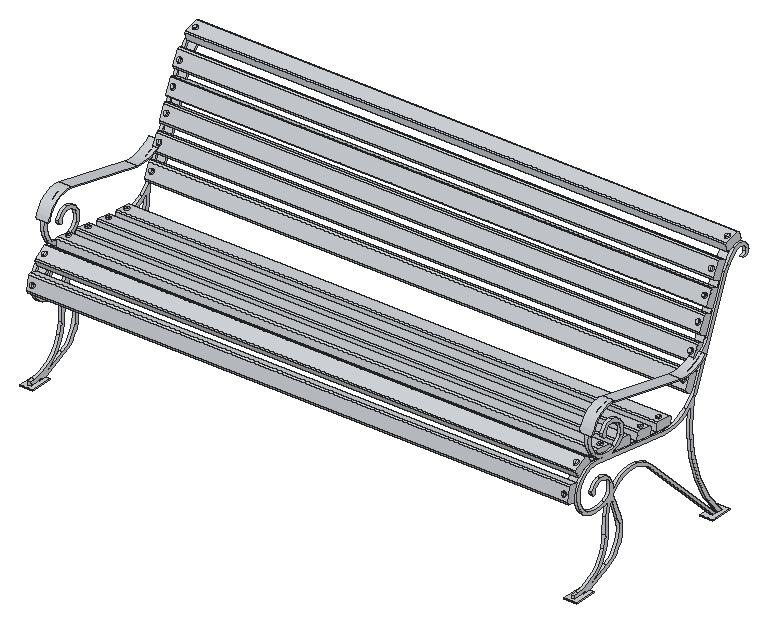
Revit family "Скамейка кованая «Вояж»", category Мебель, Revit 2017
Family settings
  Номер OmniClass = 23.40.20.00
  Заголовок OmniClass = General Furniture and Specialties
  На основе рабочей плоскости = Нет
  Всегда вертикально = Да
  При загрузке вырезать с полостями = Нет
  Общий = Нет
  Точка расчета площади = Нет
Parameters (values of type "Скамейка кованая «Вояж» 1,8м")
  Центральная опора = no
  Стоимость = 9702
  Изготовитель = "Хоббика"
  Длдина доски = ADSK_Размер_Длина - 20 mm  # 1780 mm
  URL = "https://hobbyka.ru/product/skameika_kovanaia_voiazh/?sphrase_id=62901"
  ADSK_Размер_Ширина сидения = 370 mm
  ADSK_Размер_Ширина = 720 mm
  ADSK_Размер_Длина = 1800 mm
  ADSK_Размер_Высота спинки = 430 mm
  ADSK_Размер_Высота сидения = 430 mm
  ADSK_Размер_Высота = 860 mm
  ADSK_Наименование = "Скамейка кованая «Вояж» 1,8м"
  ADSK_Материал фурнитуры = none
  ADSK_Материал опоры = none
  ADSK_Материал доски = none
  ADSK_Код изделия = "6781"
Types (7, lengths in mm): name | Центральная опора | Стоимость | Длдина доски | ADSK_Размер_Длина | ADSK_Наименование
  (no name) | no | 9702 | 1780 | 1800 | "Скамейка кованая «Вояж» 1,8м"
  Скамейка кованая «Вояж» 1,2м | no | 8489 | 1180 | 1200 | "Скамейка кованая «Вояж» 1,2м"
  Скамейка кованая «Вояж» 1,5м | no | 9041 | 1480 | 1500 | "Скамейка кованая «Вояж» 1,5м"
  Скамейка кованая «Вояж» 1,8м | no | 9702 | 1780 | 1800 | "Скамейка кованая «Вояж» 1,8м"
  Скамейка кованая «Вояж» 2,0м | yes | 14553 | 1980 | 2000 | "Скамейка кованая «Вояж» 2,0м"
  Скамейка кованая «Вояж» 3,0м | yes | 14553 | 2980 | 3000 | "Скамейка кованая «Вояж» 3,0м"
  Скамейка кованая «Вояж» Кресло | no | 7938 | 580 | 600 | "Скамейка кованая «Вояж» Кресло"
Reference planes
  plane 1 "По центру (Вперед/Назад)": y = 0
  plane 2: z = 0
  plane 3 "По центру (Влево/Вправо)": x = 0
  plane 4: x = -900
  plane 5: x = 900
  plane 6: x = -860
  plane 7: x = -890
  plane 8: x = 860
  plane 9: x = 890
Forms (mm)
  Extrusion 1, solid, material <- "ADSK_Материал опоры"
    sketch origin (0, 0, 0) x (0, 1, 0) y (0, 0, 1)
      loop
        line (-338.399, 334.008) -> (-613.879, 368.381)
        arc (-613.879, 368.381) -> (-679.292, 344.916) -> (-699.113, 278.308) r 76.942
        line (-699.113, 278.308) -> (-696.163, 278.85)
        arc (-696.163, 278.85) -> (-677.111, 342.856) -> (-614.251, 365.404) r 73.942
        line (-614.251, 365.404) -> (-338.69, 331.021) -> (-325.153, 330.074) -> (-311.783, 330.589) -> (-298.547, 332.55) -> (-299.148, 335.493) -> (-312.061, 333.581) -> (-325.106, 333.078) -> (-338.399, 334.008)
      loop
        line (-96.692, 691.665) -> (-215.882, 404.474) -> (-221.65, 392.461) -> (-219.02, 391.018) -> (-213.111, 403.324) -> (-93.921, 690.515)
        arc (-93.921, 690.515) -> (-76.293, 719.7) -> (-50.828, 742.372) r 114.091
        arc (-50.828, 742.372) -> (-39.911, 746.157) -> (-28.36, 745.899) r 32.63
        line (-28.36, 745.899) -> (-27.763, 748.839)
        arc (-27.763, 748.839) -> (-40.426, 749.112) -> (-52.385, 744.939) r 35.63
        arc (-52.385, 744.939) -> (-78.569, 721.655) -> (-96.692, 691.665) r 117.091
    from -860 to -890
  Extrusion 2, solid, not visible
    sketch origin (0, 0, 0) x (0, 1, 0) y (0, 0, 1)
      loop
        line (-691.824, 340.795) -> (-703.262, 279.512) -> (-700.21, 279.512) -> (-689.137, 338.84) -> (-635.391, 368.026) -> (-637.603, 370.238) -> (-691.824, 340.795)
      loop
        line (-364.819, 339.096) -> (-364.819, 336.093) -> (-309.078, 333.534) -> (-309.078, 336.537) -> (-364.819, 339.096)
      loop
        line (-72.13, 742.885) -> (-106.548, 673.049) -> (-103.857, 671.723) -> (-70.057, 740.305) -> (-18.56, 752.925) -> (-19.274, 755.838) -> (-72.13, 742.885)
    from 0 to 250
  Extrusion 3, solid, material <- "ADSK_Материал опоры"
    sketch origin (0, 0, 0) x (0, 1, 0) y (0, 0, -1)
      loop
        line (-338.399, -334.008) -> (-325.106, -333.078) -> (-312.061, -333.581) -> (-299.148, -335.493) -> (-298.547, -332.55) -> (-311.783, -330.589) -> (-325.153, -330.074) -> (-338.69, -331.021) -> (-614.251, -365.404)
        arc (-614.251, -365.404) -> (-677.111, -342.856) -> (-696.163, -278.85) r 73.942
        line (-696.163, -278.85) -> (-699.113, -278.308)
        arc (-699.113, -278.308) -> (-679.292, -344.916) -> (-613.879, -368.381) r 76.942
        line (-613.879, -368.381) -> (-338.399, -334.008)
      loop
        arc (-96.692, -691.665) -> (-78.569, -721.655) -> (-52.385, -744.939) r 117.091
        arc (-52.385, -744.939) -> (-40.426, -749.112) -> (-27.763, -748.839) r 35.63
        line (-27.763, -748.839) -> (-28.36, -745.899)
        arc (-28.36, -745.899) -> (-39.911, -746.157) -> (-50.828, -742.372) r 32.63
        arc (-50.828, -742.372) -> (-76.293, -719.7) -> (-93.921, -690.515) r 114.091
        line (-93.921, -690.515) -> (-213.111, -403.324) -> (-219.02, -391.018) -> (-221.65, -392.461) -> (-215.882, -404.474) -> (-96.692, -691.665)
    from -860 to -890
Dimensions and locks
  equal spacing: plane 4, plane 3 "По центру (Влево/Вправо)", plane 5
  "ADSK_Размер_Длина": plane 4 to plane 5
  plane 4 to plane 6 = 40 mm
  plane 4 to plane 7 = 10 mm
  plane 8 to plane 9 to plane 5 = 30 mm, 10 mm
  "Длдина доски": plane 7 to plane 9
  aligned and locked: level to plane 2
  aligned and locked: nested 2 to plane 5
  aligned and locked: nested 1 to plane 4
  aligned and locked: nested 8 to plane 7
  aligned and locked: nested 7 to plane 7
  aligned and locked: plane 7 to nested 6
  aligned and locked: plane 7 to nested 4
  aligned and locked: plane 7 to nested 5
  aligned and locked: nested 9 to plane 7
  aligned and locked: plane 7 to nested 12
  aligned and locked: nested 10 to plane 7
  aligned and locked: nested 11 to plane 7
  aligned and locked: plane 7 to nested 13
  aligned and locked: plane 7 to nested 14
  aligned and locked: plane 7 to nested 15
  aligned and locked: Extrusion 1 to plane 7
  aligned and locked: plane 6 to Extrusion 1
  aligned and locked: Extrusion 3 to plane 9
  aligned and locked: nested 2 to plane 8
  aligned and locked: plane 8 to Extrusion 3
Automatic sketch dimensions
  Extrusion 1 sketch curve to Extrusion 1 sketch curve = 0 mm  (x6)
  level to Extrusion 1 sketch curve = 278.308 mm
  plane 1 "По центру (Вперед/Назад)" to Extrusion 1 sketch curve = 699.113 mm
  level to Extrusion 1 sketch curve = 278.85 mm
  Extrusion 1 sketch curve to Extrusion 1 sketch curve = 2.951 mm
  Extrusion 1 sketch curve to Extrusion 1 sketch curve = 72.757 mm
  level to Extrusion 1 sketch curve = 365.404 mm
  Extrusion 1 sketch curve to Extrusion 1 sketch curve = 9.155 mm
  level to Extrusion 1 sketch curve = 368.381 mm
  Extrusion 1 sketch curve to Extrusion 1 sketch curve = 275.561 mm
  Extrusion 1 sketch curve to Extrusion 1 sketch curve = 0.291 mm
  Extrusion 1 sketch curve to Extrusion 1 sketch curve = 13.537 mm
  Extrusion 1 sketch curve to Extrusion 1 sketch curve = 0.047 mm
  Extrusion 1 sketch curve to Extrusion 1 sketch curve = 13.045 mm
  Extrusion 1 sketch curve to Extrusion 1 sketch curve = 0.278 mm
  Extrusion 1 sketch curve to Extrusion 1 sketch curve = 12.913 mm
  Extrusion 1 sketch curve to Extrusion 1 sketch curve = 0.601 mm
  Extrusion 1 sketch curve to Extrusion 1 sketch curve = 77.498 mm
  Extrusion 1 sketch curve to Extrusion 1 sketch curve = 2.63 mm
  Extrusion 1 sketch curve to Extrusion 1 sketch curve = 5.768 mm
  Extrusion 1 sketch curve to Extrusion 1 sketch curve = 2.771 mm  (x2)
  plane 1 "По центру (Вперед/Назад)" to Extrusion 1 sketch curve = 96.692 mm
  plane 1 "По центру (Вперед/Назад)" to Extrusion 1 sketch curve = 34.852 mm
  plane 1 "По центру (Вперед/Назад)" to Extrusion 1 sketch curve = 28.36 mm
  Extrusion 1 sketch curve to Extrusion 1 sketch curve = 0.597 mm
  Extrusion 1 sketch curve to plane 1 "По центру (Вперед/Назад)" = 11.456 mm
  Extrusion 1 sketch curve to Extrusion 1 sketch curve = 35.331 mm
  Extrusion 1 sketch curve to Extrusion 1 sketch curve = 0.516 mm
  Extrusion 1 sketch curve to Extrusion 1 sketch curve = 0.948 mm
  Extrusion 1 sketch curve to Extrusion 1 sketch curve = 1.96 mm
  Extrusion 1 sketch curve to Extrusion 1 sketch curve = 3.004 mm
  Extrusion 1 sketch curve to Extrusion 1 sketch curve = 2.991 mm
  Extrusion 1 sketch curve to Extrusion 1 sketch curve = 2.987 mm
  Extrusion 1 sketch curve to Extrusion 1 sketch curve = 2.944 mm
  Extrusion 1 sketch curve to Extrusion 1 sketch curve = 55.524 mm
  Extrusion 1 sketch curve to Extrusion 1 sketch curve = 1.443 mm
  Extrusion 1 sketch curve to Extrusion 1 sketch curve = 12.306 mm
  Extrusion 1 sketch curve to Extrusion 1 sketch curve = 1.15 mm  (x2)
  Extrusion 1 sketch curve to Extrusion 1 sketch curve = 243.458 mm
  Extrusion 1 sketch curve to Extrusion 1 sketch curve = 43.733 mm
  Extrusion 1 sketch curve to Extrusion 1 sketch curve = 23.406 mm
  Extrusion 1 sketch curve to Extrusion 1 sketch curve = 31.978 mm
  Extrusion 1 sketch curve to Extrusion 1 sketch curve = 2.94 mm
  level to Extrusion 2 sketch curve = 279.512 mm
  plane 1 "По центру (Вперед/Назад)" to Extrusion 2 sketch curve = 703.262 mm
  Extrusion 2 sketch curve to Extrusion 2 sketch curve = 3.052 mm
  level to Extrusion 2 sketch curve = 340.795 mm
  Extrusion 2 sketch curve to Extrusion 2 sketch curve = 8.386 mm
  level to Extrusion 2 sketch curve = 338.84 mm
  Extrusion 2 sketch curve to Extrusion 2 sketch curve = 2.687 mm
  Extrusion 2 sketch curve to Extrusion 2 sketch curve = 51.533 mm
  Extrusion 2 sketch curve to Extrusion 2 sketch curve = 2.212 mm  (x2)
  Extrusion 2 sketch curve to Extrusion 2 sketch curve = 270.572 mm
  Extrusion 2 sketch curve to Extrusion 2 sketch curve = 55.741 mm
  plane 1 "По центру (Вперед/Назад)" to Extrusion 2 sketch curve = 106.548 mm
  Extrusion 2 sketch curve to Extrusion 2 sketch curve = 2.691 mm
  plane 1 "По центру (Вперед/Назад)" to Extrusion 2 sketch curve = 72.13 mm
  Extrusion 2 sketch curve to Extrusion 2 sketch curve = 2.073 mm
  plane 1 "По центру (Вперед/Назад)" to Extrusion 2 sketch curve = 19.274 mm
  Extrusion 2 sketch curve to Extrusion 2 sketch curve = 0.714 mm
  level to Extrusion 2 sketch curve = 333.534 mm
  Extrusion 2 sketch curve to Extrusion 2 sketch curve = 2.559 mm
  Extrusion 2 sketch curve to Extrusion 2 sketch curve = 3.003 mm  (x2)
  Extrusion 2 sketch curve to Extrusion 2 sketch curve = 29.186 mm
  Extrusion 2 sketch curve to Extrusion 2 sketch curve = 335.186 mm
  Extrusion 2 sketch curve to Extrusion 2 sketch curve = 1.326 mm
  Extrusion 3 sketch curve to Extrusion 3 sketch curve = 0 mm  (x6)
  level to Extrusion 3 sketch curve = 278.308 mm
  plane 1 "По центру (Вперед/Назад)" to Extrusion 3 sketch curve = 699.113 mm
  level to Extrusion 3 sketch curve = 278.85 mm
  Extrusion 3 sketch curve to Extrusion 3 sketch curve = 2.951 mm
  Extrusion 3 sketch curve to Extrusion 3 sketch curve = 72.757 mm
  level to Extrusion 3 sketch curve = 365.404 mm
  Extrusion 3 sketch curve to Extrusion 3 sketch curve = 9.155 mm
  level to Extrusion 3 sketch curve = 368.381 mm
  Extrusion 3 sketch curve to Extrusion 3 sketch curve = 275.561 mm
  Extrusion 3 sketch curve to Extrusion 3 sketch curve = 0.291 mm
  Extrusion 3 sketch curve to Extrusion 3 sketch curve = 13.537 mm
  Extrusion 3 sketch curve to Extrusion 3 sketch curve = 0.047 mm
  Extrusion 3 sketch curve to Extrusion 3 sketch curve = 13.045 mm
  Extrusion 3 sketch curve to Extrusion 3 sketch curve = 0.278 mm
  Extrusion 3 sketch curve to Extrusion 3 sketch curve = 12.913 mm
  Extrusion 3 sketch curve to Extrusion 3 sketch curve = 0.601 mm
  Extrusion 3 sketch curve to Extrusion 3 sketch curve = 77.498 mm
  Extrusion 3 sketch curve to Extrusion 3 sketch curve = 2.63 mm
  Extrusion 3 sketch curve to Extrusion 3 sketch curve = 5.768 mm
  Extrusion 3 sketch curve to Extrusion 3 sketch curve = 2.771 mm  (x2)
  plane 1 "По центру (Вперед/Назад)" to Extrusion 3 sketch curve = 96.692 mm
  plane 1 "По центру (Вперед/Назад)" to Extrusion 3 sketch curve = 34.852 mm
  plane 1 "По центру (Вперед/Назад)" to Extrusion 3 sketch curve = 28.36 mm
  Extrusion 3 sketch curve to Extrusion 3 sketch curve = 0.597 mm
  Extrusion 3 sketch curve to plane 1 "По центру (Вперед/Назад)" = 11.456 mm
  level to Extrusion 3 sketch curve = 391.018 mm
  Extrusion 3 sketch curve to Extrusion 3 sketch curve = 1.443 mm
  Extrusion 3 sketch curve to Extrusion 3 sketch curve = 12.306 mm
  Extrusion 3 sketch curve to Extrusion 3 sketch curve = 1.15 mm  (x2)
  Extrusion 3 sketch curve to Extrusion 3 sketch curve = 243.458 mm
  Extrusion 3 sketch curve to Extrusion 3 sketch curve = 43.733 mm
  Extrusion 3 sketch curve to Extrusion 3 sketch curve = 23.406 mm
  Extrusion 3 sketch curve to Extrusion 3 sketch curve = 31.978 mm
  Extrusion 3 sketch curve to Extrusion 3 sketch curve = 2.94 mm
  Extrusion 3 sketch curve to Extrusion 3 sketch curve = 56.968 mm
  Extrusion 3 sketch curve to Extrusion 3 sketch curve = 1.485 mm
  Extrusion 3 sketch curve to Extrusion 3 sketch curve = 1.912 mm
  Extrusion 3 sketch curve to Extrusion 3 sketch curve = 0.503 mm
  Extrusion 3 sketch curve to Extrusion 3 sketch curve = 2.944 mm
  Extrusion 3 sketch curve to Extrusion 3 sketch curve = 2.987 mm
  Extrusion 3 sketch curve to Extrusion 3 sketch curve = 2.991 mm
  Extrusion 3 sketch curve to Extrusion 3 sketch curve = 3.004 mm
Nested families
  nested 1: "Опора" at (-860, -19.274, 0), Материал опоры <- "ADSK_Материал опоры", type "Опора"
    with Материал опоры none
  nested 2: "Опора" at (860, -19.274, 0) x (-1, 0, 0) z (0, 0, 1), Материал опоры <- "ADSK_Материал опоры", type "Опора"
    with Материал опоры none
  nested 3: "Центральная опора" at (35, -19.274, 0), visible <- "Центральная опора", Материал опоры <- "ADSK_Материал опоры", type "Центральная опора"
    with Материал опоры none
  nested 4: "Doska" at (-890, -476.139, 351.195) x (1, 0, 0) z (0, 0.1238, 0.9923), Длина доски <- "Длдина доски", Материал доски <- "ADSK_Материал доски", Материал фурнитуры <- "ADSK_Материал фурнитуры", type "Doska"
    with Материал фурнитуры none, Материал доски none, Длина доски 1780 mm
  nested 5: "Doska" at (-890, -391.129, 340.588) x (1, 0, 0) z (0, 0.1238, 0.9923), Длина доски <- "Длдина доски", Материал доски <- "ADSK_Материал доски", Материал фурнитуры <- "ADSK_Материал фурнитуры", type "Doska"
    with Материал фурнитуры none, Материал доски none, Длина доски 1780 mm
  nested 6: "Doska" at (-890, -556.928, 361.275) x (1, 0, 0) z (0, 0.1238, 0.9923), Длина доски <- "Длдина доски", Материал доски <- "ADSK_Материал доски", Материал фурнитуры <- "ADSK_Материал фурнитуры", type "Doska"
    with Материал фурнитуры none, Материал доски none, Длина доски 1780 mm
  nested 7: "Doska" at (890, -686.085, 343.911) x (-1, 0, 0) z (0, -0.4772, 0.8788), Длина доски <- "Длдина доски", Материал доски <- "ADSK_Материал доски", Материал фурнитуры <- "ADSK_Материал фурнитуры", type "Doska"
    with Материал фурнитуры none, Материал доски none, Длина доски 1780 mm
  nested 8: "Doska" at (890, -703.262, 279.512) x (-1, 0, 0) z (0, -0.983, 0.1835), Длина доски <- "Длдина доски", Материал доски <- "ADSK_Материал доски", Материал фурнитуры <- "ADSK_Материал фурнитуры", type "Doska"
    with Материал фурнитуры none, Материал доски none, Длина доски 1780 mm
  nested 9: "Doska" at (890, -364.819, 339.096) x (-1, 0, 0) z (0, 0.0459, 0.9989), Длина доски <- "Длдина доски", Материал доски <- "ADSK_Материал доски", Материал фурнитуры <- "ADSK_Материал фурнитуры", type "Doska"
    with Материал фурнитуры none, Материал доски none, Длина доски 1780 mm
  nested 10: "Doska" at (890, -106.548, 673.049) x (-1, 0, 0) z (0, -0.897, 0.4421), Длина доски <- "Длдина доски", Материал доски <- "ADSK_Материал доски", Материал фурнитуры <- "ADSK_Материал фурнитуры", type "Doska"
    with Материал фурнитуры none, Материал доски none, Длина доски 1780 mm
  nested 11: "Doska" at (890, -73.47, 742.557) x (-1, 0, 0) z (0, -0.238, 0.9713), Длина доски <- "Длдина доски", Материал доски <- "ADSK_Материал доски", Материал фурнитуры <- "ADSK_Материал фурнитуры", type "Doska"
    with Материал фурнитуры none, Материал доски none, Длина доски 1780 mm
  nested 12: "Doska" at (-890, -112.104, 654.529) x (1, 0, 0) z (0, -0.9236, 0.3833), Длина доски <- "Длдина доски", Материал доски <- "ADSK_Материал доски", Материал фурнитуры <- "ADSK_Материал фурнитуры", type "Doska"
    with Материал фурнитуры none, Материал доски none, Длина доски 1780 mm
  nested 13: "Doska" at (-890, -139.702, 588.03) x (1, 0, 0) z (0, -0.9236, 0.3833), Длина доски <- "Длдина доски", Материал доски <- "ADSK_Материал доски", Материал фурнитуры <- "ADSK_Материал фурнитуры", type "Doska"
    with Материал фурнитуры none, Материал доски none, Длина доски 1780 mm
  nested 14: "Doska" at (-890, -169.601, 515.988) x (1, 0, 0) z (0, -0.9236, 0.3833), Длина доски <- "Длдина доски", Материал доски <- "ADSK_Материал доски", Материал фурнитуры <- "ADSK_Материал фурнитуры", type "Doska"
    with Материал фурнитуры none, Материал доски none, Длина доски 1780 mm
  nested 15: "Doska" at (-890, -199.5, 443.946) x (1, 0, 0) z (0, -0.9236, 0.3833), Длина доски <- "Длдина доски", Материал доски <- "ADSK_Материал доски", Материал фурнитуры <- "ADSK_Материал фурнитуры", type "Doska"
    with Материал фурнитуры none, Материал доски none, Длина доски 1780 mm
Definition of nested family "Опора"
  Parameters (values of type "Опора")
    Материал опоры [instance] = none
  Reference planes
    plane 1 "По центру (Вперед/Назад)": y = 0
    plane 2: z = 0
    plane 3 "По центру (Влево/Вправо)": x = 0
  Forms (mm)
    Extrusion 1, solid, material <- "Материал опоры"
      sketch origin (0, 0, 0) x (0, 1, 0) y (0, 0, 1)
        loop
          line (-128.628, 3) -> (-114.241, 3) -> (-377.334, 260.719)
          arc (-377.334, 260.719) -> (-404.891, 280.092) -> (-436.763, 290.999) r 119.43
          arc (-436.763, 290.999) -> (-489.961, 287.645) -> (-534.97, 259.089) r 107.222
          arc (-534.97, 259.089) -> (-540.007, 253.369) -> (-544.663, 247.335) r 117.921
          arc (-544.663, 247.335) -> (-546.454, 293.514) -> (-587.615, 314.525) r 45.705
          arc (-587.615, 314.525) -> (-609.944, 305.623) -> (-622.436, 285.097) r 38.006
          arc (-622.436, 285.097) -> (-620.216, 276.888) -> (-612.161, 274.162) r 9.031
          arc (-612.161, 274.162) -> (-611.2, 274.918) -> (-611.324, 276.134) r 1.268
          arc (-611.324, 276.134) -> (-612.703, 279.348) -> (-612.724, 282.844) r 8.819
          arc (-612.724, 282.844) -> (-603.499, 297.977) -> (-587.037, 304.542) r 28.006
          arc (-587.037, 304.542) -> (-550.061, 276.428) -> (-572.154, 235.569) r 35.705
          arc (-572.154, 235.569) -> (-614.561, 230.396) -> (-654.396, 245.831) r 87.882
          arc (-654.396, 245.831) -> (-668.553, 322.992) -> (-599.613, 360.429) r 66.819
          line (-599.613, 360.429) -> (-324.118, 326.055)
          arc (-324.118, 326.055) -> (-266.004, 331.975) -> (-216.303, 362.667) r 130.432
          arc (-216.303, 362.667) -> (-203.313, 169.833) -> (-105.74, 3) r 422.128
          line (-105.74, 3) -> (-91.786, 3)
          arc (-91.786, 3) -> (-194.792, 176.201) -> (-203.365, 377.534) r 412.128
          arc (-203.365, 377.534) -> (-194.556, 391.017) -> (-187.476, 405.483) r 130.432
          line (-187.476, 405.483) -> (-68.219, 692.835)
          arc (-68.219, 692.835) -> (-52.449, 719.333) -> (-29.81, 740.27) r 107.589
          arc (-29.81, 740.27) -> (-4.219, 741.886) -> (9.291, 720.092) r 24.958
          arc (9.291, 720.092) -> (6.724, 711.771) -> (-1.374, 708.571) r 10.06
          arc (-1.374, 708.571) -> (12.429, 708.881) -> (19.274, 720.871) r 14.021
          arc (19.274, 720.871) -> (0.089, 750.915) -> (-35.477, 748.509) r 34.958
          arc (-35.477, 748.509) -> (-60.198, 725.654) -> (-77.429, 696.73) r 117.589
          line (-77.429, 696.73) -> (-145.436, 532.866)
          arc (-145.436, 532.866) -> (-157.319, 515.21) -> (-172.998, 500.82) r 90.471
          spline (-172.998, 500.82) -> (-180.147, 494.633) -> (-187.699, 489.048) -> (-195.609, 484.091) -> (-203.829, 479.785) -> (-212.313, 476.155) -> (-221.013, 473.226) -> (-229.883, 471.019) -> (-238.872, 469.539) -> (-247.93, 468.788) -> (-257.007, 468.768) -> (-266.051, 469.48) -> (-275.014, 470.926)
          line (-275.014, 470.926) -> (-547.361, 526.4)
          spline (-547.361, 526.4) -> (-563.47, 527.923) -> (-579.538, 525.849) -> (-594.829, 520.259) -> (-608.676, 511.458) -> (-620.466, 499.844) -> (-629.735, 485.958) -> (-636.092, 470.399) -> (-639.309, 453.832) -> (-639.239, 436.948) -> (-635.9, 420.451) -> (-629.397, 405.04) -> (-619.999, 391.369)
          spline (-619.999, 391.369) -> (-613.575, 386.11) -> (-606.753, 381.433) -> (-599.579, 377.368) -> (-592.103, 373.949) -> (-584.372, 371.204) -> (-576.444, 369.15) -> (-568.374, 367.799) -> (-560.221, 367.165) -> (-552.041, 367.256) -> (-543.892, 368.068) -> (-535.832, 369.59) -> (-527.919, 371.814)
          spline (-527.919, 371.814) -> (-517.998, 376.554) -> (-509.451, 383.567) -> (-502.737, 392.425) -> (-498.159, 402.622) -> (-495.923, 413.606) -> (-496.161, 424.818) -> (-498.857, 435.675) -> (-503.891, 445.604) -> (-511.04, 454.051) -> (-519.939, 460.525) -> (-530.11, 464.601) -> (-540.956, 466.024)
          arc (-540.956, 466.024) -> (-563.995, 458.363) -> (-577.479, 438.173) r 37.409
          spline (-577.479, 438.173) -> (-577.878, 436.65) -> (-578.042, 435.08) -> (-577.964, 433.505) -> (-577.649, 431.967) -> (-577.104, 430.507) -> (-576.343, 429.163) -> (-575.387, 427.972) -> (-574.261, 426.965) -> (-572.996, 426.168) -> (-571.625, 425.604) -> (-570.184, 425.287) -> (-568.712, 425.225)
          arc (-568.712, 425.225) -> (-566.994, 425.957) -> (-567.446, 427.768) r 1.438
          spline (-567.446, 427.768) -> (-567.682, 428.294) -> (-567.887, 428.834) -> (-568.059, 429.387) -> (-568.2, 429.951) -> (-568.307, 430.523) -> (-568.382, 431.101) -> (-568.422, 431.684) -> (-568.429, 432.269) -> (-568.402, 432.853) -> (-568.341, 433.435) -> (-568.246, 434.012) -> (-568.119, 434.582)
          spline (-568.119, 434.582) -> (-567.085, 437.605) -> (-565.757, 440.496) -> (-564.149, 443.221) -> (-562.279, 445.749) -> (-560.17, 448.052) -> (-557.845, 450.102) -> (-555.331, 451.876) -> (-552.657, 453.355) -> (-549.853, 454.52) -> (-546.951, 455.359) -> (-543.986, 455.862) -> (-540.99, 456.024)
          spline (-540.99, 456.024) -> (-532.643, 454.933) -> (-524.785, 451.779) -> (-517.852, 446.736) -> (-512.229, 440.085) -> (-508.229, 432.195) -> (-506.074, 423.505) -> (-505.884, 414.497) -> (-507.669, 405.673) -> (-511.33, 397.521) -> (-516.664, 390.495) -> (-523.374, 384.986) -> (-531.088, 381.299)
          spline (-531.088, 381.299) -> (-538.051, 379.301) -> (-545.139, 377.918) -> (-552.302, 377.159) -> (-559.495, 377.029) -> (-566.668, 377.529) -> (-573.773, 378.655) -> (-580.763, 380.4) -> (-587.591, 382.752) -> (-594.211, 385.695) -> (-600.58, 389.211) -> (-606.653, 393.275) -> (-612.392, 397.859)
          spline (-612.392, 397.859) -> (-620.627, 409.834) -> (-626.345, 423.401) -> (-629.296, 437.97) -> (-629.352, 452.906) -> (-626.51, 467.557) -> (-620.894, 481.286) -> (-612.748, 493.494) -> (-602.428, 503.65) -> (-590.383, 511.31) -> (-577.139, 516.141) -> (-563.271, 517.933) -> (-549.386, 516.607)
          line (-549.386, 516.607) -> (-277.01, 461.128)
          spline (-277.01, 461.128) -> (-266.387, 459.448) -> (-255.663, 458.711) -> (-244.911, 458.923) -> (-234.203, 460.082) -> (-223.612, 462.18) -> (-213.21, 465.202) -> (-203.069, 469.129) -> (-193.256, 473.934) -> (-183.838, 479.584) -> (-174.88, 486.041) -> (-166.442, 493.26) -> (-158.581, 501.193)
          line (-158.581, 501.193) -> (-196.712, 409.316)
          arc (-196.712, 409.316) -> (-211.884, 382.843) -> (-233.223, 361.032) r 120.432
          arc (-233.223, 361.032) -> (-275.532, 339.492) -> (-322.878, 335.978) r 120.432
          line (-322.878, 335.978) -> (-598.347, 370.349)
          arc (-598.347, 370.349) -> (-677.74, 326.957) -> (-660.761, 238.087) r 76.819
          arc (-660.761, 238.087) -> (-616.161, 220.519) -> (-568.567, 226.235) r 97.882
          arc (-568.567, 226.235) -> (-558.152, 231.882) -> (-549.539, 240.016) r 45.705
          arc (-549.539, 240.016) -> (-561.078, 215.096) -> (-566.54, 188.183) r 117.921
          arc (-566.54, 188.183) -> (-568.186, 162.503) -> (-568.828, 136.779) r 659.163
          arc (-568.828, 136.779) -> (-570.36, 117.971) -> (-574.715, 99.61) r 124.56
          arc (-574.715, 99.61) -> (-613.321, 42.038) -> (-676.722, 14.016) r 124.56
          line (-676.722, 14.016) -> (-692.991, 12.98) -> (-692.356, 3)
          arc (-692.356, 3) -> (-600.229, 39.974) -> (-559.223, 130.378) r 133.263
          line (-559.223, 130.378) -> (-556.749, 185.966)
          arc (-556.749, 185.966) -> (-553.003, 209.157) -> (-544.016, 230.861) r 101.306
          line (-544.016, 230.861) -> (-516.049, 159.406)
          arc (-516.049, 159.406) -> (-516.369, 93.273) -> (-562.434, 45.82) r 88.516
          line (-562.434, 45.82) -> (-659, 3) -> (-634.331, 3) -> (-558.381, 36.678)
          arc (-558.381, 36.678) -> (-507.159, 89.376) -> (-506.663, 162.865) r 98.516
          line (-506.663, 162.865) -> (-537.497, 241.064)
          arc (-537.497, 241.064) -> (-463.985, 282.47) -> (-384.615, 253.852) r 101.306
          line (-384.615, 253.852) -> (-128.628, 3)
      from -40 to -30
    Extrusion 2, solid, material <- "Материал опоры"
      sketch origin (0, 0, 0) x (0, 1, 0) y (0, 0, 1)
        loop
          line (-74.97, 3) -> (-146.97, 3) -> (-146.97, 0) -> (-74.97, 0) -> (-74.97, 3)
        loop
          line (-634.331, 3) -> (-706.512, 3) -> (-706.512, 0) -> (-634.331, 0) -> (-634.331, 3)
      from -55 to -15
    Extrusion 3, solid, material <- "Материал опоры"
      sketch origin (0, 0, 0) x (0, 1, 0) y (0, 0, 1)
        loop
          line (-172.998, 500.82) -> (-175.046, 503.011)
          spline (-175.046, 503.011) -> (-182.021, 496.974) -> (-189.389, 491.524) -> (-197.103, 486.688) -> (-205.117, 482.494) -> (-213.383, 478.967) -> (-221.857, 476.12) -> (-230.491, 473.966) -> (-239.24, 472.516) -> (-248.056, 471.782) -> (-256.891, 471.763) -> (-265.694, 472.458) -> (-274.415, 473.866)
          line (-274.415, 473.866) -> (-546.8, 529.347)
          arc (-546.8, 529.347) -> (-607.666, 515.816) -> (-640.963, 463.099) r 81.143
          line (-640.963, 463.099) -> (-638.026, 462.475)
          arc (-638.026, 462.475) -> (-606.005, 513.317) -> (-547.361, 526.4) r 78.143
          line (-547.361, 526.4) -> (-275.014, 470.926)
          spline (-275.014, 470.926) -> (-266.051, 469.48) -> (-257.007, 468.768) -> (-247.93, 468.788) -> (-238.872, 469.539) -> (-229.883, 471.019) -> (-221.013, 473.226) -> (-212.313, 476.155) -> (-203.829, 479.785) -> (-195.609, 484.091) -> (-187.699, 489.048) -> (-180.147, 494.633) -> (-172.998, 500.82)
      from -56 to -14
    Extrusion 4, void
      sketch origin (0, 0, 0) x (1, 0, 0) y (0, 0, 1)
        loop
          line (-56, 462.475) -> (-48, 462.475)
          arc (-48, 462.475) -> (-53.657, 464.818) -> (-56, 470.475) r 8
          line (-56, 470.475) -> (-56, 462.475)
        loop
          line (-14, 462.475) -> (-14, 470.475)
          arc (-14, 470.475) -> (-16.343, 464.818) -> (-22, 462.475) r 8
          line (-22, 462.475) -> (-14, 462.475)
      from 688.815 to 619.999
  Cuts and joins
    Extrusion 4 cuts Extrusion 3
  Dimensions and locks
    aligned and locked: level to plane 2
Definition of nested family "Центральная опора"
  Parameters (values of type "Центральная опора")
    Материал опоры [instance] = none
  Reference planes
    plane 1 "По центру (Вперед/Назад)": y = 0
    plane 2: z = 0
    plane 3 "По центру (Влево/Вправо)": x = 0
  Forms (mm)
    Extrusion 1, solid, material <- "Материал опоры"
      sketch origin (0, 0, 0) x (0, 1, 0) y (0, 0, 1)
        loop
          line (-128.628, 3) -> (-114.241, 3) -> (-377.334, 260.719)
          arc (-377.334, 260.719) -> (-404.891, 280.092) -> (-436.763, 290.999) r 119.43
          arc (-436.763, 290.999) -> (-489.961, 287.645) -> (-534.97, 259.089) r 107.222
          arc (-534.97, 259.089) -> (-540.007, 253.369) -> (-544.663, 247.335) r 117.921
          arc (-544.663, 247.335) -> (-546.454, 293.514) -> (-587.615, 314.525) r 45.705
          arc (-587.615, 314.525) -> (-609.944, 305.623) -> (-622.436, 285.097) r 38.006
          arc (-622.436, 285.097) -> (-620.216, 276.888) -> (-612.161, 274.162) r 9.031
          arc (-612.161, 274.162) -> (-611.2, 274.918) -> (-611.324, 276.134) r 1.268
          arc (-611.324, 276.134) -> (-612.703, 279.348) -> (-612.724, 282.844) r 8.819
          arc (-612.724, 282.844) -> (-603.499, 297.977) -> (-587.037, 304.542) r 28.006
          arc (-587.037, 304.542) -> (-550.061, 276.428) -> (-572.154, 235.569) r 35.705
          arc (-572.154, 235.569) -> (-614.561, 230.396) -> (-654.396, 245.831) r 87.882
          arc (-654.396, 245.831) -> (-668.553, 322.992) -> (-599.613, 360.429) r 66.819
          line (-599.613, 360.429) -> (-324.118, 326.055)
          arc (-324.118, 326.055) -> (-266.004, 331.975) -> (-216.303, 362.667) r 130.432
          arc (-216.303, 362.667) -> (-203.313, 169.833) -> (-105.74, 3) r 422.128
          line (-105.74, 3) -> (-91.786, 3)
          arc (-91.786, 3) -> (-194.792, 176.201) -> (-203.365, 377.534) r 412.128
          arc (-203.365, 377.534) -> (-194.556, 391.017) -> (-187.476, 405.483) r 130.432
          line (-187.476, 405.483) -> (-68.219, 692.835)
          arc (-68.219, 692.835) -> (-52.449, 719.333) -> (-29.81, 740.27) r 107.589
          arc (-29.81, 740.27) -> (-4.219, 741.886) -> (9.291, 720.092) r 24.958
          arc (9.291, 720.092) -> (6.724, 711.771) -> (-1.374, 708.571) r 10.06
          arc (-1.374, 708.571) -> (12.429, 708.881) -> (19.274, 720.871) r 14.021
          arc (19.274, 720.871) -> (0.089, 750.915) -> (-35.477, 748.509) r 34.958
          arc (-35.477, 748.509) -> (-60.198, 725.654) -> (-77.429, 696.73) r 117.589
          line (-77.429, 696.73) -> (-160.672, 496.155) -> (-196.712, 409.316)
          arc (-196.712, 409.316) -> (-211.884, 382.843) -> (-233.223, 361.032) r 120.432
          arc (-233.223, 361.032) -> (-275.532, 339.492) -> (-322.878, 335.978) r 120.432
          line (-322.878, 335.978) -> (-598.347, 370.349)
          arc (-598.347, 370.349) -> (-677.74, 326.957) -> (-660.761, 238.087) r 76.819
          arc (-660.761, 238.087) -> (-616.161, 220.519) -> (-568.567, 226.235) r 97.882
          arc (-568.567, 226.235) -> (-558.152, 231.882) -> (-549.539, 240.016) r 45.705
          arc (-549.539, 240.016) -> (-561.078, 215.096) -> (-566.54, 188.183) r 117.921
          arc (-566.54, 188.183) -> (-568.186, 162.503) -> (-568.828, 136.779) r 659.163
          arc (-568.828, 136.779) -> (-570.36, 117.971) -> (-574.715, 99.61) r 124.56
          arc (-574.715, 99.61) -> (-613.321, 42.038) -> (-676.722, 14.016) r 124.56
          line (-676.722, 14.016) -> (-692.991, 12.98) -> (-692.356, 3)
          arc (-692.356, 3) -> (-600.229, 39.974) -> (-559.223, 130.378) r 133.263
          line (-559.223, 130.378) -> (-556.749, 185.966)
          arc (-556.749, 185.966) -> (-553.003, 209.157) -> (-544.016, 230.861) r 101.306
          line (-544.016, 230.861) -> (-516.049, 159.406)
          arc (-516.049, 159.406) -> (-516.369, 93.273) -> (-562.434, 45.82) r 88.516
          line (-562.434, 45.82) -> (-659, 3) -> (-634.331, 3) -> (-558.381, 36.678)
          arc (-558.381, 36.678) -> (-507.159, 89.376) -> (-506.663, 162.865) r 98.516
          line (-506.663, 162.865) -> (-537.497, 241.064)
          arc (-537.497, 241.064) -> (-463.985, 282.47) -> (-384.615, 253.852) r 101.306
          line (-384.615, 253.852) -> (-128.628, 3)
      from -40 to -30
    Extrusion 2, solid, material <- "Материал опоры"
      sketch origin (0, 0, 0) x (0, 1, 0) y (0, 0, 1)
        loop
          line (-74.97, 3) -> (-146.97, 3) -> (-146.97, 0) -> (-74.97, 0) -> (-74.97, 3)
        loop
          line (-634.331, 3) -> (-706.512, 3) -> (-706.512, 0) -> (-634.331, 0) -> (-634.331, 3)
      from -55 to -15
  Dimensions and locks
    aligned and locked: level to plane 2
Definition of nested family "Doska"
  Parameters (values of type "Doska")
    Default Elevation = 1219.2 mm
    Материал фурнитуры [instance] = none
    Материал доски [instance] = none
    Длина доски [instance] = 1500 mm
  Reference planes
    plane 1 "По центру (Вперед/Назад)": y = 0
    plane 2: z = 0
    plane 3 "По центру (Влево/Вправо)": x = 0
    plane 4 "1": x = 15
    plane 5: x = 1485
    plane 6: x = 1500
  Forms (mm)
    Extrusion 1, solid
      sketch origin (0, 0, 0) x (1, 0, 0) y (0, 1, 0)
        loop
          line (-1219.2, 1219.2) -> (-1219.2, -1219.2) -> (1219.2, -1219.2) -> (1219.2, 1219.2) -> (-1219.2, 1219.2)
      from 0 to -304.8
    Extrusion 2, solid, material <- "Материал доски"
      sketch origin (0, 0, 0) x (0, 1, 0) y (0, 0, 1)
        loop
          line (0, 23.25) -> (-4.65, 27.9) -> (-51.15, 27.9) -> (-55.8, 23.25) -> (-55.8, 0) -> (0, 0) -> (0, 23.25)
      from 0 to 1500
    Revolve 3, solid, material <- "Материал фурнитуры"
      sketch origin (15, 0, 0) x (0, 1, 0) y (0, 0, 1)
        loop
          line (-25.6, 29.76) -> (-32.6, 29.76) -> (-32.6, 27.9) -> (-25.6, 27.9) -> (-25.6, 29.76)
        axis (-25.6, 29.76) -> (-25.6, 27.9)
      angle from 0 to 360
    Revolve 4, solid, material <- "Материал фурнитуры"
      sketch origin (1485, 0, 0) x (0, 1, 0) y (0, 0, 1)
        loop
          line (-25.6, 29.76) -> (-32.6, 29.76) -> (-32.6, 27.9) -> (-25.6, 27.9) -> (-25.6, 29.76)
        axis (-25.6, 29.76) -> (-25.6, 27.9)
      angle from 0 to 360
  Dimensions and locks
    "Длина доски": plane 3 "По центру (Влево/Вправо)" to plane 6
    locked: plane 3 "По центру (Влево/Вправо)" to plane 4 "1" at 15
    locked: plane 5 to plane 6 at 15
    aligned and locked: plane 2 to Extrusion 1
    aligned and locked: level to Extrusion 1
    aligned and locked: Extrusion 2 sketch curve to Extrusion 1
    aligned and locked: plane 6 to Extrusion 2
    aligned and locked: plane 5 to Revolve 4
  Automatic sketch dimensions
    Extrusion 1 sketch curve to Extrusion 1 sketch curve = 2438.4 mm  (x2)
    Extrusion 2 sketch curve to plane 1 "По центру (Вперед/Назад)" = 0 mm
    plane 1 "По центру (Вперед/Назад)" to Extrusion 2 sketch curve = 4.65 mm
    Extrusion 2 sketch curve to Extrusion 2 sketch curve = 46.5 mm
    Extrusion 2 sketch curve to Extrusion 2 sketch curve = 4.65 mm  (x2)
    Extrusion 2 sketch curve to Extrusion 2 sketch curve = 23.25 mm  (x2)
    plane 1 "По центру (Вперед/Назад)" to Revolve 3 sketch curve = 32.6 mm
    Revolve 3 sketch curve to Revolve 3 sketch curve = 7 mm
    level to Revolve 3 sketch curve = 27.9 mm
    Revolve 3 sketch curve to Revolve 3 sketch curve = 1.86 mm
    Revolve 3 sketch curve to Revolve 3 sketch curve = 0 mm
    Revolve 3 sketch curve to Revolve 3 sketch curve = 5.113 mm
    Revolve 3 sketch curve to Revolve 3 sketch curve = 3.027 mm
    plane 1 "По центру (Вперед/Назад)" to Revolve 4 sketch curve = 32.6 mm
    Revolve 4 sketch curve to Revolve 4 sketch curve = 7 mm
    level to Revolve 4 sketch curve = 27.9 mm
    Revolve 4 sketch curve to Revolve 4 sketch curve = 1.86 mm
    Revolve 4 sketch curve to Revolve 4 sketch curve = 0 mm
    Revolve 4 sketch curve to Revolve 4 sketch curve = 5.113 mm
    Revolve 4 sketch curve to Revolve 4 sketch curve = 3.027 mm
